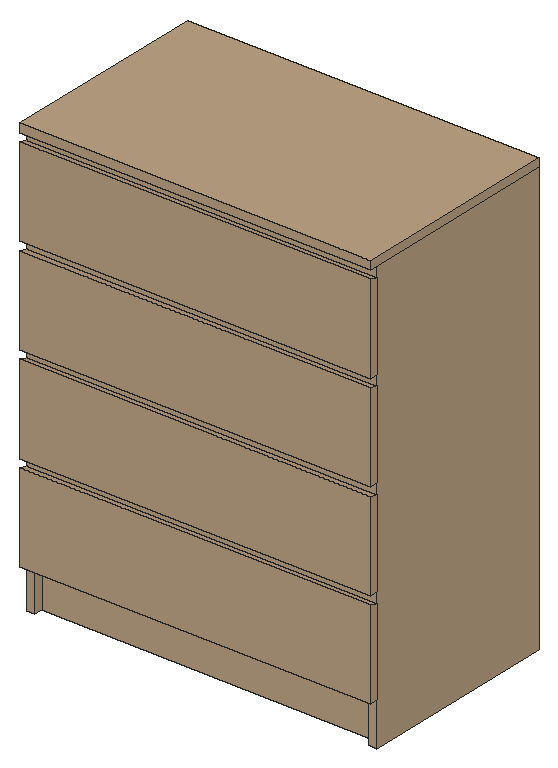
Revit family
Reference planes (in)
  plane 1 "Center F/B": y = 0
  plane 2: z = 0
  plane 3 "Center L/R": x = 0
Forms (in)
  Extrusion 1, solid
    sketch origin (3.35711, 0, 0) x (1, 0, 0) y (0, 1, 0)
      loop
        line (-19.10711, 9.4375) -> (-19.10711, -8.6875) -> (12.39289, -8.6875) -> (12.39289, 9.4375) -> (-19.10711, 9.4375)
    from 0 to 38.875
  Extrusion 2, solid
    sketch origin (15.75, 16.5625, -8.95727) x (0, -1, 0) y (0, 0, -1)
      loop
        line (25.25, -46.88131) -> (26, -47.08227) -> (26, -39.08227) -> (25.25, -39.08227) -> (25.25, -46.88131)
    from -31.5 to 0
  Extrusion 3, solid
    sketch origin (15.75, 16.5625, -17.70727) x (0, -1, 0) y (0, 0, -1)
      loop
        line (25.25, -46.88131) -> (26, -47.08227) -> (26, -39.08227) -> (25.25, -39.08227) -> (25.25, -46.88131)
    from -31.5 to 0
  Extrusion 4, solid
    sketch origin (15.75, 16.5625, -26.45727) x (0, -1, 0) y (0, 0, -1)
      loop
        line (25.25, -46.88131) -> (26, -47.08227) -> (26, -39.08227) -> (25.25, -39.08227) -> (25.25, -46.88131)
    from -31.5 to 0
  Extrusion 5, solid
    sketch origin (15.75, 16.5625, -35.20727) x (0, -1, 0) y (0, 0, -1)
      loop
        line (25.25, -46.88131) -> (26, -47.08227) -> (26, -39.08227) -> (25.25, -39.08227) -> (25.25, -46.88131)
    from -31.5 to 0
  Extrusion 6, void
    sketch origin (0, 0, 0) x (1, 0, 0) y (0, 1, 0)
      loop
        line (-15, -8.6875) -> (15, -8.6875) -> (15, -7.9375) -> (-15, -7.9375) -> (-15, -8.6875)
    from 0 to 3.5
  Extrusion 7, solid
    sketch origin (3.35711, 0, -8.75) x (1, 0, 0) y (0, 1, 0)
      loop
        line (-19.10711, 9.4375) -> (-19.10711, -9.4375) -> (12.39289, -9.4375) -> (12.39289, 9.4375) -> (-19.10711, 9.4375)
    from 47.625 to 48.375
Cuts and joins
  Extrusion 6 cuts Extrusion 1
  Extrusion 6 cuts Extrusion 2
  Extrusion 6 cuts Extrusion 3
  Extrusion 6 cuts Extrusion 4
  Extrusion 6 cuts Extrusion 5
